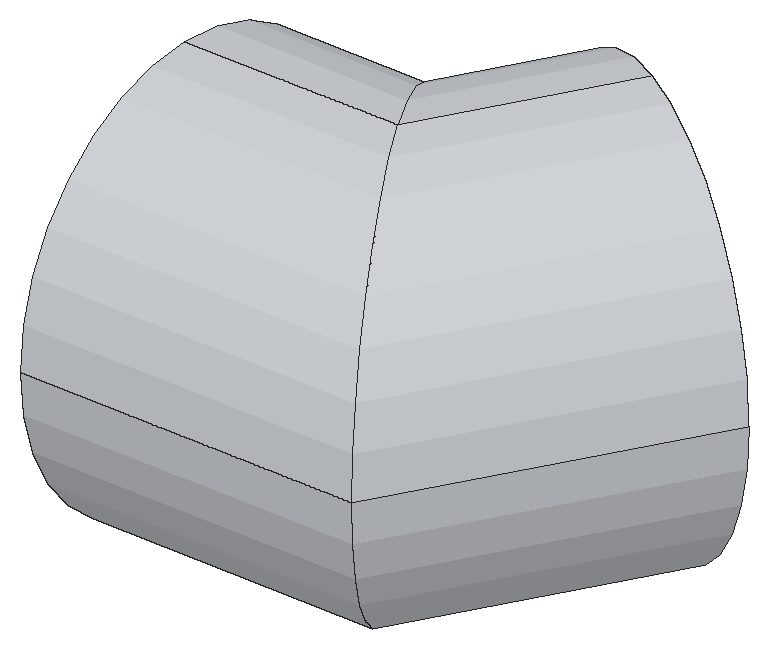
Revit family "M_Round Elbow - Mitered", category Duct Fittings, Revit 2014
Parameters (values of type "Standard")
  Shoulder [instance] = 25 mm
  Duct Radius [instance] = 150 mm
  Length1a [instance] = Duct Radius * sin(Angle)  # 129.904 mm
  Length1 [instance] = Length1a + Shoulder  # 154.904 mm
  Duct Diameter [instance] = Duct Radius * 2  # 300 mm
  Angle [instance] = 60.00°
Reference planes
  plane 1 "Center (Front/Back)": y = 0
  plane 2: z = 0
  plane 3 "Center (Left/Right)": x = 0
  plane 4: x = -154.904
Forms (mm)
  Sweep 1, solid, detail levels medium+fine
    path in 3D
      loop
        line (-154.904, 0, 0) -> (0, 0, 0) -> (77.452, 134.151, 0)
    profile "M_Duct - Round : Duct - Round" origin (-77.452, 0, 0) x (0, 1, 0) y (0, 0, 1)
      loop
        arc (-150, 0) -> (-106.066, -106.066) -> (0, -150) r 150
        arc (0, -150) -> (106.066, -106.066) -> (150, 0) r 150
        arc (150, 0) -> (106.066, 106.066) -> (0, 150) r 150
        arc (0, 150) -> (-106.066, 106.066) -> (-150, 0) r 150
Lines and regions (mm)
  reference lines
    curve 1: line (-154.904, 0, 0) -> (0, 0, 0)
    curve 2: line (0, 0, 0) -> (77.452, 134.151, 0)
  sketch lines
    curve 3: line (-154.904, 0, 0) -> (0, 0, 0)
    curve 4: line (0, 0, 0) -> (77.452, 134.151, 0)
  model lines, style "DuctFitting", detail levels coarse
    curve 5: line (-154.904, 0, 0) -> (0, 0, 0)
    curve 6: line (0, 0, 0) -> (77.452, 134.151, 0)
Dimensions and locks
  "Length1": plane 4 to plane 3 "Center (Left/Right)"
  "Length1": curve 2 to curve 2
  "Angle": angle plane 1 "Center (Front/Back)" to curve 2
  aligned and locked: plane 3 "Center (Left/Right)" to curve 1
  aligned and locked: plane 4 to curve 1
  aligned and locked: plane 1 "Center (Front/Back)" to curve 1
  aligned and locked: curve 5 to curve 1
Automatic sketch dimensions
  plane 4 to curve 5 = 0 mm
  curve 5 to plane 3 "Center (Left/Right)" = 0 mm
  curve 6 to curve 2 = 0 mm  (x3)
Connectors
  hvac at (-154.904, 0, 0), driven by "Duct Radius", driven by "Angle"
    settings: on Sweep 1, index 1, duct flow 0.0 L/s, flow factor 0, pres drop 0.0 Pa, loss coef 0, conn angle 60.00°, conn width 304.8 mm, conn height 304.8 mm, conn diameter 300 mm, duct sys type 28, conn prof type 0, flow config 0, flow direction 0, loss method 0, conn ref index 2, conn util no, is conn primary yes, conn desc ""
  hvac at (77.452, 134.151, 0), driven by "Duct Radius", driven by "Angle"
    settings: on Sweep 1, index 2, duct flow 0.0 L/s, flow factor 0, pres drop 0.0 Pa, loss coef 0, conn angle 60.00°, conn width 304.8 mm, conn height 304.8 mm, conn diameter 300 mm, duct sys type 28, conn prof type 0, flow config 0, flow direction 0, loss method 0, conn ref index 1, conn util no, is conn primary no, conn desc ""
